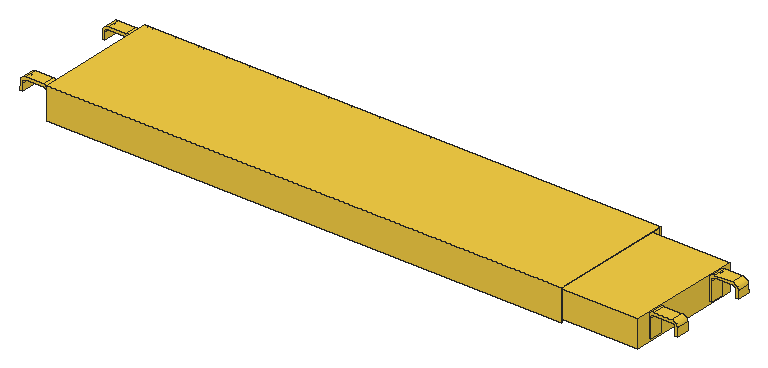
Revit family "EXTENDING PLATFORM 1,5-2,35_2067048", category Generic Models, Revit 2018
Family settings
  Can host rebar = No
  Round Connector Dimension = Use Diameter
  Part Type = Normal
  OmniClass Number = 35.51.17.00
  OmniClass Title = SCAFFOLDING SHORING AND FENCING
  Work Plane-Based = Yes
  Always vertical = No
  Cut with Voids When Loaded = No
  Shared = Yes
  Room Calculation Point = No
Parameters (values of type "EXTENDING PLATFORM 1,5-2,35_2067048")
  VERSION = "20190101"  # constant formula
  URL = "www.ulmaconstruction.com/en"
  UNICLASS = ""
  Model = ""
  MIN LENGTH = 1500.00 mm
  MAX LENGTH = 2350.00 mm
  LENGTH [instance] = 1500.00 mm
  ITEM_LENGTH [instance] = if(LENGTH < MIN LENGTH, MIN LENGTH, if(LENGTH < MAX LENGTH, LENGTH, MAX LENGTH))  # 1500.00 mm
  Manufacturer = "ULMA CONSTRUCTION"  # constant formula
  ITEM_CODE = "2067048"
  FILTER [instance] = ""
  Default Elevation = 0.00 mm
  CLASSIFICATION_TITLE = ""
  CLASSIFICATION_NUMBER = ""
Reference planes
  plane 1 "Centro (Frontal/Posterior)": y = 0
  plane 2: z = 0
  plane 3 "Centro (Izquierda/Derecha)": x = 0
  plane 4 "ITEM_LENGTH": x = 1500
  plane 5 "LENGTH": x = 1500
  plane 6 "SIDE": y = 300
  plane 7 "EXTERIOR PLATFORM START": x = 35.5
  plane 8 "EXTERIOR PLATFORM END": x = 1287.5
  plane 9 "INSIDE PLATFORM START": x = 1464.5
  plane 10 "INSIDE PLATFORM END": x = 110.5
  plane 11 "HOOK": x = 1464.5
  plane 12 "HOOK": x = 2961.25
Forms (mm)
  Extrusion 1, solid, material "ULMA YELLOW", detail levels medium+fine
    sketch origin (-3.25, 190, -17) x (1, 0, 0) y (0, 0, 1)
      loop
        line (32.75, 24) -> (32.75, -22) -> (38.75, -22) -> (38.75, 24)
        arc (38.75, 24) -> (34.649, 33.899) -> (24.75, 38) r 14
        line (24.75, 38) -> (-18.25, 38)
        arc (-18.25, 38) -> (-28.149, 33.899) -> (-32.25, 24) r 14
        line (-32.25, 24) -> (-32.25, 6) -> (-26.25, 6) -> (-26.25, 24)
        arc (-26.25, 24) -> (-23.907, 29.657) -> (-18.25, 32) r 8
        line (-18.25, 32) -> (24.75, 32)
        arc (24.75, 32) -> (30.407, 29.657) -> (32.75, 24) r 8
    from 150.529 to 180.529
  Extrusion 2, solid, material "ULMA YELLOW", detail levels medium+fine
    sketch origin (-3.25, 340, -17) x (1, 0, 0) y (0, 0, 1)
      loop
        line (32.75, 24) -> (32.75, -22) -> (38.75, -22) -> (38.75, 24)
        arc (38.75, 24) -> (34.649, 33.899) -> (24.75, 38) r 14
        line (24.75, 38) -> (-18.25, 38)
        arc (-18.25, 38) -> (-28.149, 33.899) -> (-32.25, 24) r 14
        line (-32.25, 24) -> (-32.25, 6) -> (-26.25, 6) -> (-26.25, 24)
        arc (-26.25, 24) -> (-23.907, 29.657) -> (-18.25, 32) r 8
        line (-18.25, 32) -> (24.75, 32)
        arc (24.75, 32) -> (30.407, 29.657) -> (32.75, 24) r 8
    from 50.029 to 80.029
  Extrusion 3, solid, material "ULMA YELLOW", detail levels medium+fine
    sketch origin (1503.25, 189.998, -17) x (-1, 0, 0) y (0, 0, -1)
      loop
        arc (32.75, -24) -> (30.407, -29.657) -> (24.75, -32) r 8
        line (24.75, -32) -> (-18.25, -32)
        arc (-18.25, -32) -> (-23.907, -29.657) -> (-26.25, -24) r 8
        line (-26.25, -24) -> (-26.25, -6) -> (-32.25, -6) -> (-32.25, -24)
        arc (-32.25, -24) -> (-28.149, -33.899) -> (-18.25, -38) r 14
        line (-18.25, -38) -> (24.75, -38)
        arc (24.75, -38) -> (34.649, -33.899) -> (38.75, -24) r 14
        line (38.75, -24) -> (38.75, 22) -> (32.75, 22) -> (32.75, -24)
    from 117.778 to 147.778
  Extrusion 4, solid, material "ULMA YELLOW", detail levels medium+fine
    sketch origin (1503.25, 339.998, -17) x (-1, 0, 0) y (0, 0, -1)
      loop
        arc (32.75, -24) -> (30.407, -29.657) -> (24.75, -32) r 8
        line (24.75, -32) -> (-18.25, -32)
        arc (-18.25, -32) -> (-23.907, -29.657) -> (-26.25, -24) r 8
        line (-26.25, -24) -> (-26.25, -6) -> (-32.25, -6) -> (-32.25, -24)
        arc (-32.25, -24) -> (-28.149, -33.899) -> (-18.25, -38) r 14
        line (-18.25, -38) -> (24.75, -38)
        arc (24.75, -38) -> (34.649, -33.899) -> (38.75, -24) r 14
        line (38.75, -24) -> (38.75, 22) -> (32.75, 22) -> (32.75, -24)
    from 82.778 to 112.778
  Extrusion 5, solid, material "ULMA YELLOW", not visible, detail levels medium+fine
    sketch origin (3000, 189.998, 0) x (-1, 0, 0) y (0, 0, -1)
      loop
        arc (32.75, -24) -> (30.407, -29.657) -> (24.75, -32) r 8
        line (24.75, -32) -> (-18.25, -32)
        arc (-18.25, -32) -> (-23.907, -29.657) -> (-26.25, -24) r 8
        line (-26.25, -24) -> (-26.25, -6) -> (-32.25, -6) -> (-32.25, -24)
        arc (-32.25, -24) -> (-28.149, -33.899) -> (-18.25, -38) r 14
        line (-18.25, -38) -> (24.75, -38)
        arc (24.75, -38) -> (34.649, -33.899) -> (38.75, -24) r 14
        line (38.75, -24) -> (38.75, 22) -> (32.75, 22) -> (32.75, -24)
    from 117.778 to 147.778
  Extrusion 6, solid, material "ULMA YELLOW", not visible, detail levels medium+fine
    sketch origin (3000, 339.998, 0) x (-1, 0, 0) y (0, 0, -1)
      loop
        arc (32.75, -24) -> (30.407, -29.657) -> (24.75, -32) r 8
        line (24.75, -32) -> (-18.25, -32)
        arc (-18.25, -32) -> (-23.907, -29.657) -> (-26.25, -24) r 8
        line (-26.25, -24) -> (-26.25, -6) -> (-32.25, -6) -> (-32.25, -24)
        arc (-32.25, -24) -> (-28.149, -33.899) -> (-18.25, -38) r 14
        line (-18.25, -38) -> (24.75, -38)
        arc (24.75, -38) -> (34.649, -33.899) -> (38.75, -24) r 14
        line (38.75, -24) -> (38.75, 22) -> (32.75, 22) -> (32.75, -24)
    from 82.778 to 112.778
  Extrusion 7, solid, material "ULMA YELLOW", not visible, detail levels medium+fine
    sketch origin (0, 190, 0) x (1, 0, 0) y (0, 0, 1)
      loop
        line (32.75, 24) -> (32.75, -22) -> (38.75, -22) -> (38.75, 24)
        arc (38.75, 24) -> (34.649, 33.899) -> (24.75, 38) r 14
        line (24.75, 38) -> (-18.25, 38)
        arc (-18.25, 38) -> (-28.149, 33.899) -> (-32.25, 24) r 14
        line (-32.25, 24) -> (-32.25, 6) -> (-26.25, 6) -> (-26.25, 24)
        arc (-26.25, 24) -> (-23.907, 29.657) -> (-18.25, 32) r 8
        line (-18.25, 32) -> (24.75, 32)
        arc (24.75, 32) -> (30.407, 29.657) -> (32.75, 24) r 8
    from 150.529 to 180.529
  Extrusion 8, solid, material "ULMA YELLOW", not visible, detail levels medium+fine
    sketch origin (0, 340, 0) x (1, 0, 0) y (0, 0, 1)
      loop
        line (32.75, 24) -> (32.75, -22) -> (38.75, -22) -> (38.75, 24)
        arc (38.75, 24) -> (34.649, 33.899) -> (24.75, 38) r 14
        line (24.75, 38) -> (-18.25, 38)
        arc (-18.25, 38) -> (-28.149, 33.899) -> (-32.25, 24) r 14
        line (-32.25, 24) -> (-32.25, 6) -> (-26.25, 6) -> (-26.25, 24)
        arc (-26.25, 24) -> (-23.907, 29.657) -> (-18.25, 32) r 8
        line (-18.25, 32) -> (24.75, 32)
        arc (24.75, 32) -> (30.407, 29.657) -> (32.75, 24) r 8
    from 50.029 to 80.029
  Extrusion 9, solid, material "ULMA YELLOW", detail levels medium+fine
    sketch origin (940, 150.002, 0) x (1, 0, 0) y (0, 1, 0)
      loop
        line (-829.5, 139.998) -> (-829.5, -140.002) -> (524.5, -140.002) -> (524.5, 139.998) -> (-829.5, 139.998)
    from -47.5 to 16.5
  Extrusion 10, solid, material "ULMA YELLOW", detail levels medium+fine
    sketch origin (0, 0, 0) x (0, 1, 0) y (0, 0, 1)
      loop
        line (0, -49.499) -> (2, -49.499) -> (2, 25.5) -> (298, 25.5) -> (298, -49.499) -> (300, -49.499) -> (300, 27.5) -> (0, 27.5) -> (0, -49.499)
    from 35.5 to 1287.5
Lines and regions (mm)
  model lines, style "ULMA WORKING PLATFORMS", detail levels coarse
    curve 1: line (0, 0, 0) -> (1500, 0, 0)
    curve 2: line (0, 300, 0) -> (0, 0, 0)
    curve 3: line (1500, 300, 0) -> (0, 300, 0)
    curve 4: line (1500, 0, 0) -> (1500, 300, 0)
Dimensions and locks
  "ITEM_LENGTH": plane 3 "Centro (Izquierda/Derecha)" to plane 4 "ITEM_LENGTH"
  "LENGTH": plane 3 "Centro (Izquierda/Derecha)" to plane 5 "LENGTH"
  locked: plane 6 "SIDE" to plane 1 "Centro (Frontal/Posterior)" at 300
  locked: plane 3 "Centro (Izquierda/Derecha)" to plane 7 "EXTERIOR PLATFORM START" at 35.5
  locked: plane 7 "EXTERIOR PLATFORM START" to plane 8 "EXTERIOR PLATFORM END" at 1252
  locked: plane 9 "INSIDE PLATFORM START" to plane 4 "ITEM_LENGTH" at 35.5
  locked: plane 10 "INSIDE PLATFORM END" to plane 9 "INSIDE PLATFORM START" at 1354
  aligned and locked: level to plane 2
  aligned and locked: Extrusion 3 to Extrusion 1
  aligned and locked: plane 1 "Centro (Frontal/Posterior)" to curve 1
  aligned and locked: curve 2 to plane 3 "Centro (Izquierda/Derecha)"
  aligned and locked: plane 6 "SIDE" to curve 3
  aligned and locked: plane 4 "ITEM_LENGTH" to curve 4
  aligned and locked: plane 9 "INSIDE PLATFORM START" to Extrusion 9
  aligned and locked: Extrusion 9 to plane 10 "INSIDE PLATFORM END"
  aligned and locked: plane 9 "INSIDE PLATFORM START" to plane 11 "HOOK"
  aligned and locked: Extrusion 10 to Extrusion 1
  aligned and locked: plane 8 "EXTERIOR PLATFORM END" to Extrusion 10
Automatic sketch dimensions
  Extrusion 9 sketch curve to plane 1 "Centro (Frontal/Posterior)" = 10.00 mm
  Extrusion 9 sketch curve to plane 8 "EXTERIOR PLATFORM END" = 1177.00 mm
  Extrusion 9 sketch curve to plane 4 "ITEM_LENGTH" = 35.50 mm
  Extrusion 9 sketch curve to plane 6 "SIDE" = 10.00 mm
  Extrusion 10 sketch curve to plane 1 "Centro (Frontal/Posterior)" = 0.00 mm
  Extrusion 10 sketch curve to plane 6 "SIDE" = 0.00 mm
  Extrusion 10 sketch curve to plane 1 "Centro (Frontal/Posterior)" = 2.00 mm
  Extrusion 10 sketch curve to plane 6 "SIDE" = 2.00 mm
  Extrusion 10 sketch curve to level = 49.499 mm  (x2)
  level to Extrusion 10 sketch curve = 25.50 mm
  Extrusion 10 sketch curve to Extrusion 10 sketch curve = 2.00 mm
